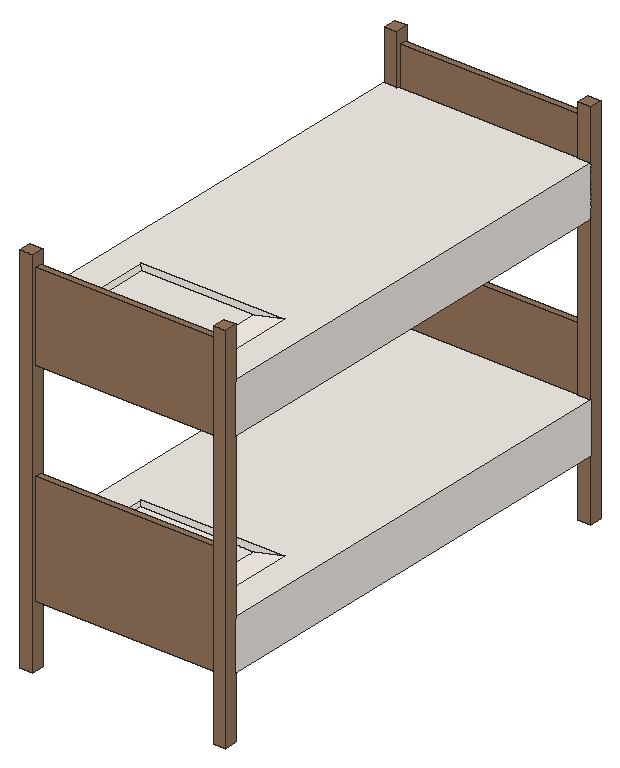
Revit family
Reference planes (in)
  plane 1 "Center F/B": y = 0
  plane 2: z = 0
  plane 3 "Center L/R": x = 0
Forms (in)
  Extrusion 1, solid, material "Post"
    sketch origin (27.27722, -1.26132, 0) x (1, 0, 0) y (0, 1, 0)
      loop
        line (-43.77722, 38.76132) -> (-43.77722, 36.76132) -> (-41.77722, 36.76132) -> (-41.77722, 38.76132) -> (-43.77722, 38.76132)
    from 0 to 60
  Extrusion 2, solid, material "Mattress"
    sketch origin (-11.58139, -12.50816, 0) x (1, 0, 0) y (0, 1, 0)
      loop
        line (-4.91861, 48.00816) -> (-4.91861, -22.99184) -> (28.08139, -22.99184) -> (28.08139, 48.00816) -> (-4.91861, 48.00816)
    from 10 to 18
  Extrusion 3, solid, material "Post"
    sketch origin (58.27722, -1.26132, 0) x (1, 0, 0) y (0, 1, 0)
      loop
        line (-43.77722, 38.76132) -> (-43.77722, 36.76132) -> (-41.77722, 36.76132) -> (-41.77722, 38.76132) -> (-43.77722, 38.76132)
    from 0 to 60
  Extrusion 4, solid, material "Post"
    sketch origin (27.27722, -74.26132, 0) x (1, 0, 0) y (0, 1, 0)
      loop
        line (-43.77722, 38.76132) -> (-43.77722, 36.76132) -> (-41.77722, 36.76132) -> (-41.77722, 38.76132) -> (-43.77722, 38.76132)
    from 0 to 60
  Extrusion 5, solid, material "Post"
    sketch origin (58.27722, -74.26132, 0) x (1, 0, 0) y (0, 1, 0)
      loop
        line (-43.77722, 38.76132) -> (-43.77722, 36.76132) -> (-41.77722, 36.76132) -> (-41.77722, 38.76132) -> (-43.77722, 38.76132)
    from 0 to 60
  Extrusion 6, solid, material "Mattress"
    sketch origin (0, 0, 0) x (1, 0, 0) y (0, 1, 0)
      loop
        line (-16.5, 35.5) -> (-16.5, -35.5) -> (16.5, -35.5) -> (16.5, 35.5) -> (-16.5, 35.5)
    from 44 to 52
  Extrusion 7, solid, material "Headboards"
    sketch origin (0, 0.5, 0) x (1, 0, 0) y (0, 1, 0)
      loop
        line (-14.5, -36.5) -> (-14.5, -37.5) -> (14.5, -37.5) -> (14.5, -36.5) -> (-14.5, -36.5)
    from 10 to 28
  Extrusion 8, solid, material "Headboards"
    sketch origin (0, -0.5, 0) x (1, 0, 0) y (0, 1, 0)
      loop
        line (-14.5, 36.5) -> (14.5, 36.5) -> (14.5, 37.5) -> (-14.5, 37.5) -> (-14.5, 36.5)
    from 10 to 28
  Extrusion 9, solid, material "Headboards"
    sketch origin (0, 0, 0) x (1, 0, 0) y (0, 1, 0)
      loop
        line (-14.5, 37) -> (-14.5, 36) -> (14.5, 36) -> (14.5, 37) -> (-14.5, 37)
    from 44 to 58
  Extrusion 10, solid, material "Headboards"
    sketch origin (0, 0, 0) x (1, 0, 0) y (0, 1, 0)
      loop
        line (-14.5, -37) -> (14.5, -37) -> (14.5, -36) -> (-14.5, -36) -> (-14.5, -37)
    from 44 to 58
  Blend 11, solid, material "Pillows"
    base sketch origin (-92.66306, -41.31586, 18) x (1, 0, 0) y (0, 1, 0)
      loop
        line (81.16306, 21.81586) -> (81.16306, 6.81586) -> (104.16306, 6.81586) -> (104.16306, 21.81586) -> (81.16306, 21.81586)
    top sketch origin (-92.66306, -41.31586, 18) x (1, 0, 0) y (0, 1, 0)
      loop
        line (83.53368, 18.85257) -> (83.53368, 9.85257) -> (101.53368, 9.85257) -> (101.53368, 18.85257) -> (83.53368, 18.85257)
    from 0 to 1
  Blend 12, solid, material "Pillows"
    base sketch origin (-56.13022, -44.31457, 52) x (1, 0, 0) y (0, 1, 0)
      loop
        line (44.63022, 24.81457) -> (44.63022, 9.81457) -> (67.63022, 9.81457) -> (67.63022, 24.81457) -> (44.63022, 24.81457)
    top sketch origin (-56.13022, -44.31457, 52) x (1, 0, 0) y (0, 1, 0)
      loop
        line (47.13022, 21.81457) -> (47.13022, 12.81457) -> (65.13022, 12.81457) -> (65.13022, 21.81457) -> (47.13022, 21.81457)
    from 0 to 1
